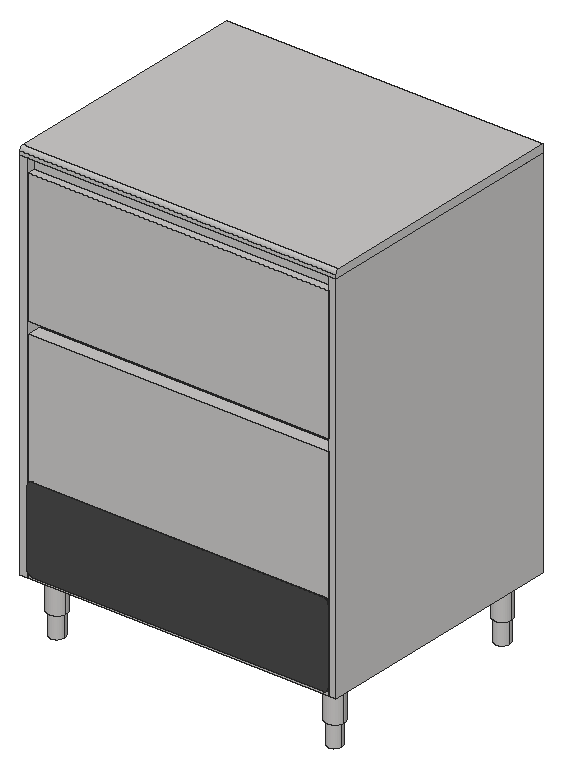
Revit family "QF_ZANUSSI_730307_ICB153I75SNP", category Attrezzature speciali, Revit 2018
Family settings
  Quota connettore circolare = Usa diametro
  Tipo di parte = Normale
  Basato su piano di lavoro = No
  Sempre verticale = Sì
  Taglio con vuoti quando caricato = No
  Condiviso = No
  Punto di calcolo locali = No
Parameters (values of type "Standard")
  Weight = 95.00 kg
  Watts = 0 W
  Volts = 220 V
  URL Manufacturer = "http://www.zanussiprofessional.com"
  URL = "http://www.zanussiprofessional.com"
  Steam Supply Size = 0 mm
  Steam Supply Minimum Pressure = 0.0 Pa
  Steam Supply Maximum Pressure = 0.0 Pa
  Steam Pounds per Hour = 0
  Show Logo [instance] = yes
  Show Clearance [instance] = yes
  Refrigeration Suction Line Size = 0 mm
  Refrigeration Liquid Line Size = 0 mm
  Refrigerant Compressor Remote = yes
  Produttore = "Zanussi"
  Phase = 1
  Modello = "ICB153I75SNP"
  Length Actual = 860 mm  # constant formula
  Item Number = "730307"
  Hot Water Size = 0 mm
  Height Actual = 1149 mm  # constant formula
  HP = "0 HP"
  Gas Size = 0 mm
  Gas KW = 0
  Gas Input Pressure = 0 W
  Descrizione = "AIR COOLED ICE CUBER 22GR 153KG/24H-BIN 75KG"
  Depth Actual = 700 mm  # constant formula
  Cycle = 50 Hz
  Condensate Return Size = 0 mm
  Compressed Air Volume = 0.0 L/s
  Compressed Air Size = 0 mm
  Compressed Air Pressure = 0.0 Pa
  Cold Water Size = 19.05 mm
  Accessory = yes
Reference planes
  plane 1 "Center X": y = 272.851
  plane 2: z = 0
  plane 3 "Center Y": x = -501.5
  plane 4 "LEFT": x = -931.5
  plane 5 "RIGHT": x = -71.5
  plane 6 "FRONT": y = -77.649
  plane 7 "BACK": y = 623.351
  plane 8: z = 154
  plane 9: z = 1198
  plane 10: z = 1178
  plane 11: x = -911.5
  plane 12: x = -91.5
  plane 13: y = -37.649
Forms (mm)
  Extrusion 1, solid, material "QF_Finishes_Black"
    sketch origin (-217.296, -77.649, 371.513) x (-1, 0, 0) y (0, 0, -1)
      loop
        arc (679.204, -20.487) -> (689.811, -16.093) -> (694.204, -5.487) r 15
        line (694.204, -5.487) -> (694.204, 195.469)
        arc (694.204, 195.469) -> (689.811, 206.075) -> (679.204, 210.469) r 15
        line (679.204, 210.469) -> (-110.796, 210.469)
        arc (-110.796, 210.469) -> (-121.403, 206.075) -> (-125.796, 195.469) r 15
        line (-125.796, 195.469) -> (-125.796, -5.487)
        arc (-125.796, -5.487) -> (-121.403, -16.093) -> (-110.796, -20.487) r 15
        line (-110.796, -20.487) -> (679.204, -20.487)
    from 0 to 2
  Extrusion 2, solid, material "QF_Finishes_Stainless Steel"
    sketch origin (-501.5, 0, 0) x (0, 1, 0) y (0, 0, 1)
      loop
        line (623.351, 1178) -> (623.351, 1198) -> (-67.649, 1198)
        arc (-67.649, 1198) -> (-74.72, 1195.071) -> (-77.649, 1188) r 10
        line (-77.649, 1188) -> (-77.649, 1178) -> (623.351, 1178)
    from -430 to 430
  Extrusion 3, solid, material "QF_Finishes_Stainless Steel"
    sketch origin (-519.2, 623.351, -284.545) x (1, 0, 0) y (0, 0, -1)
      loop
        circle (378.2, -654.545) r 10
    from 0 to 10
  Extrusion 4, solid, material "QF_Finishes_Stainless Steel"
    sketch origin (0, 0, 0) x (1, 0, 0) y (0, 1, 0)
      loop
        line (-931.5, 623.351) -> (-931.5, -77.649) -> (-911.5, -77.649) -> (-911.5, 623.351) -> (-931.5, 623.351)
    from 154 to 1178
  Extrusion 5, solid, material "QF_Finishes_Stainless Steel"
    sketch origin (0, 0, 0) x (1, 0, 0) y (0, 1, 0)
      loop
        line (-91.5, 623.351) -> (-91.5, -77.649) -> (-71.5, -77.649) -> (-71.5, 623.351) -> (-91.5, 623.351)
    from 154 to 1178
  Extrusion 6, solid, material "QF_Finishes_Stainless Steel"
    sketch origin (0, 0, 0) x (1, 0, 0) y (0, 1, 0)
      loop
        line (-911.5, 623.351) -> (-911.5, -37.649) -> (-91.5, -37.649) -> (-91.5, 623.351) -> (-911.5, 623.351)
    from 154 to 1178
  Extrusion 7, solid, material "QF_Finishes_Stainless Steel"
    sketch origin (0, 0, 0) x (1, 0, 0) y (0, 1, 0)
      loop
        line (-911.5, -77.649) -> (-91.5, -77.649) -> (-91.5, -37.649) -> (-911.5, -37.649) -> (-911.5, -77.649)
    from 154 to 748.657
  Extrusion 8, solid, material "QF_Finishes_Stainless Steel"
    sketch origin (-501.5, 0, 0) x (0, 1, 0) y (0, 0, 1)
      loop
        line (-37.649, 1178) -> (-57.649, 1178) -> (-57.649, 1142) -> (-77.649, 1142) -> (-77.649, 780.633) -> (-57.649, 780.633) -> (-57.649, 765.633) -> (-37.649, 765.633) -> (-37.649, 1178)
    from -410 to 410
  Extrusion 9, solid, material "QF_Finishes_Stainless Steel"
    sketch origin (-504.7, 623.351, -432.545) x (1, 0, 0) y (0, 0, -1)
      loop
        circle (378.2, -654.545) r 10
    from 0 to 10
  Extrusion 10, solid, material "QF_Finishes_Stainless Steel"
    sketch origin (-560.2, 623.351, -316.545) x (1, 0, 0) y (0, 0, -1)
      loop
        circle (378.2, -654.545) r 10
    from 0 to 10
Lines and regions (mm)
  Split face 1
    outline origin (-501.5, -57.649, 1178) x (0, 0, -1) y (1, 0, 0)
      loop
        line (5.715, 287.428) -> (30.715, 287.428) -> (30.715, 327.428) -> (5.715, 327.428) -> (5.715, 287.428)
  symbolic lines
    curve 1: line (-931.5, 623.351, 0) -> (-71.5, 623.351, 0)
    curve 2: line (-931.5, -77.649, 0) -> (-931.5, 623.351, 0)
    curve 3: line (-71.5, -77.649, 0) -> (-931.5, -77.649, 0)
    curve 4: line (-71.5, 623.351, 0) -> (-71.5, -77.649, 0)
Dimensions and locks
  equal spacing: plane 4 "LEFT", plane 3 "Center Y", plane 5 "RIGHT"
  plane 4 "LEFT" to plane 5 "RIGHT" = 860 mm
  equal spacing: plane 7 "BACK", plane 1 "Center X", plane 6 "FRONT"
  plane 7 "BACK" to plane 6 "FRONT" = 701 mm
  plane 8 to plane 2 = 154 mm
  plane 9 to plane 8 = 1044 mm
  locked: plane 4 "LEFT" to plane 11 at 20
  locked: plane 12 to plane 5 "RIGHT" at 20
  locked: plane 9 to plane 10 at 20
  locked: plane 13 to plane 6 "FRONT" at 40
  aligned and locked: level to plane 2
  aligned and locked: plane 5 "RIGHT" to Extrusion 2
  aligned and locked: Extrusion 2 to plane 4 "LEFT"
  aligned and locked: Extrusion 4 sketch curve to Extrusion 2  (x2)
  aligned and locked: plane 6 "FRONT" to Extrusion 4 sketch curve
  aligned and locked: Extrusion 4 sketch curve to plane 11
  aligned and locked: Extrusion 5 sketch curve to plane 7 "BACK"
  aligned and locked: plane 12 to Extrusion 5 sketch curve
  aligned and locked: Extrusion 5 sketch curve to Extrusion 2  (x2)
  aligned and locked: plane 10 to Extrusion 4
  aligned and locked: plane 10 to Extrusion 5
  aligned and locked: Extrusion 4 to plane 8
  aligned and locked: Extrusion 5 to plane 8
  aligned and locked: Extrusion 6 sketch curve to Extrusion 4
  aligned and locked: Extrusion 4 to Extrusion 6 sketch curve
  aligned and locked: plane 13 to Extrusion 6 sketch curve
  aligned and locked: Extrusion 6 sketch curve to plane 12
  aligned and locked: plane 10 to Extrusion 6
  aligned and locked: Extrusion 6 to plane 8
  aligned and locked: Extrusion 4 to Extrusion 7 sketch curve
  aligned and locked: Extrusion 7 sketch curve to Extrusion 4
  aligned and locked: plane 13 to Extrusion 7 sketch curve
  aligned and locked: plane 12 to Extrusion 7 sketch curve
  aligned and locked: Extrusion 7 to plane 8
  aligned and locked: plane 12 to Extrusion 8
  aligned and locked: Extrusion 8 to plane 11
Automatic sketch dimensions
  curve 3 to plane 4 "LEFT" = 0 mm
  curve 3 to plane 5 "RIGHT" = 0 mm
  curve 3 to plane 6 "FRONT" = 0 mm
  curve 2 to plane 7 "BACK" = 0 mm
  Extrusion 1 sketch curve to plane 12 = 0 mm
  plane 8 to Extrusion 1 sketch curve = 7.044 mm
  Extrusion 1 sketch curve to Extrusion 1 sketch curve = 15 mm  (x3)
  plane 11 to Extrusion 1 sketch curve = 15 mm  (x2)
  Extrusion 1 sketch curve to Extrusion 1 sketch curve = 200.956 mm
  Extrusion 2 sketch curve to plane 6 "FRONT" = 0 mm
  Extrusion 2 sketch curve to plane 9 = 0 mm
  Extrusion 2 sketch curve to plane 7 "BACK" = 0 mm
  Extrusion 2 sketch curve to plane 10 = 0 mm
  plane 6 "FRONT" to Extrusion 2 sketch curve = 10 mm
  Extrusion 6 to Extrusion 3 sketch curve = 216 mm
  Extrusion 3 sketch curve to Extrusion 6 = 49.5 mm
  Split face 1 sketch curve to Extrusion 8 = 5.715 mm
  Extrusion 8 to Split face 1 sketch curve = 5.285 mm
  Split face 1 sketch curve to Extrusion 8 = 122.572 mm
  Split face 1 sketch curve to Split face 1 sketch curve = 40 mm
  Extrusion 9 sketch curve to Extrusion 6 = 35 mm
  Extrusion 6 to Extrusion 9 sketch curve = 68 mm
  Extrusion 10 sketch curve to Extrusion 6 = 90.5 mm
  Extrusion 6 to Extrusion 10 sketch curve = 184 mm
  Extrusion 8 sketch curve to plane 6 "FRONT" = 0 mm
  Extrusion 8 sketch curve to plane 10 = 0 mm
  Extrusion 8 sketch curve to plane 13 = 0 mm
  plane 6 "FRONT" to Extrusion 8 sketch curve = 20 mm
  Extrusion 8 sketch curve to Extrusion 8 sketch curve = 20 mm
  Extrusion 8 sketch curve to plane 10 = 36 mm
  Extrusion 8 sketch curve to Extrusion 8 sketch curve = 361.367 mm
  Extrusion 8 sketch curve to Extrusion 8 sketch curve = 15 mm
  radius of Extrusion 3 sketch curve = 10 mm
  radius of Extrusion 9 sketch curve = 10 mm
  radius of Extrusion 10 sketch curve = 10 mm
Nested families
  nested 1: "Foot_Complete" at (-879.5, -17.649, 0), type "Foot_Complete"
  nested 2: "Foot_Complete" at (-123.5, -17.649, 0) x (-1, 0, 0) z (0, 0, 1), type "Foot_Complete"
  nested 3: "Foot_Complete" at (-879.5, 552.351, 0), type "Foot_Complete"
  nested 4: "Foot_Complete" at (-123.5, 552.351, 0) x (-1, 0, 0) z (0, 0, 1), type "Foot_Complete"
Connectors
  electrical at (-126.5, 633.351, 222), driven by "Volts"
    settings: on Extrusion 9, index 1, voltage 220 V, apparent load 0 VA, apparent load phase1 0 VA, apparent load phase2 0 VA, apparent load phase3 0 VA, power factor 1, load classification "Altro", number of poles 1, system type 30, power factor state 1, is connector primary yes, connector utility no, sub classification motor no, connector description "Electrical Connection"
  piping at (-141, 633.351, 370), diameter 20
    settings: on Extrusion 3, index 2, connector inside diameter 609.6 mm, connector length 0 mm, flow factor 0, pipe flow 0.0 L/s, pressure drop 0.0 Pa, fitting loss kfactor 0, connector angle 0.00°, fixture units 0, engagement length 0 mm, angle of deflection 0.00°, flow configuration 0, flow direction 0, fitting loss method 0, system type 20, joint type 0, gender type 0, connector reference index -1, connector utility 0, adjustable connector no, is connector primary yes, connector description "Cold water"
  piping at (-182, 633.351, 338), diameter 20
    settings: on Extrusion 10, index 3, connector inside diameter 609.6 mm, connector length 0 mm, flow factor 0, pipe flow 0.0 L/s, pressure drop 0.0 Pa, fitting loss kfactor 0, connector angle 0.00°, fixture units 0, engagement length 0 mm, angle of deflection 0.00°, flow configuration 0, flow direction 0, fitting loss method 0, system type 16, joint type 0, gender type 0, connector reference index -1, connector utility 0, adjustable connector no, is connector primary no, connector description "Drain"
Definition of nested family "Foot_Complete"
  Parameters (values of type "Foot_Complete")
    R = 25 mm
    H = 153 mm
  Reference planes
    plane 1 "Centro (Fronte/Retro)": y = 0
    plane 2: z = 0
    plane 3 "Centro (Sinistra/Destra)": x = 0
    plane 4: z = 153
  Forms (mm)
    Revolve 1, solid
      sketch origin (255.05, 0, 608.09) x (0, 0, 1) y (-1, 0, 0)
        loop
          line (-608.09, 255.05) -> (-608.09, 235.05) -> (-548.09, 235.05) -> (-548.09, 230.05) -> (-455.09, 230.05) -> (-455.09, 255.05) -> (-608.09, 255.05)
        axis (-608.09, 255.05) -> (-455.09, 255.05)
      angle from 0 to 360
  Dimensions and locks
    level to Revolve 1 sketch curve = 60 mm
    "R": Revolve 1 sketch curve to plane 3 "Centro (Sinistra/Destra)"
    "H": plane 4 to level
    aligned and locked: level to plane 2
    aligned and locked: plane 4 to Revolve 1 sketch curve
    aligned and locked: Revolve 1 sketch curve to level
    aligned and locked: plane 3 "Centro (Sinistra/Destra)" to Revolve 1 sketch curve
  Automatic sketch dimensions
    Revolve 1 sketch curve to plane 3 "Centro (Sinistra/Destra)" = 0 mm
    plane 3 "Centro (Sinistra/Destra)" to Revolve 1 sketch curve = 20 mm
    Revolve 1 sketch curve to Revolve 1 sketch curve = 50 mm
    Revolve 1 sketch curve to Revolve 1 sketch curve = 20 mm
